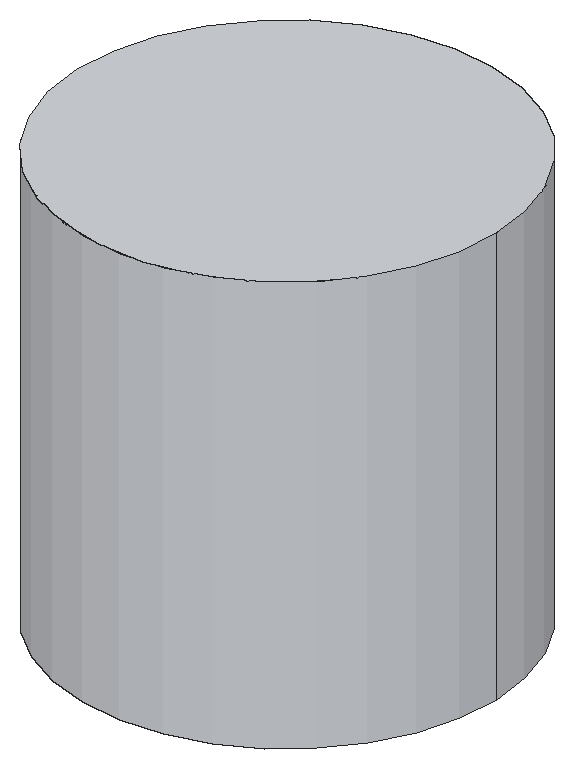
Revit family "RSC_ST_CIRC_OPENING", category Generic Models, host Face, Revit 2022
Family settings
  Host = Face
  Can host rebar = No
  Round Connector Dimension = Use Diameter
  Part Type = Normal
  Cut with Voids When Loaded = No
  Maintain Annotation Orientation = No
  Shared = No
  Room Calculation Point = No
Parameters (values of type "COND")
  Reff.Name [instance] = ""
  Pentration Depth [instance] = Depth  # 250 mm
  Peno. Rev [instance] = ""
  Penetration Diameter_shared [instance] = Diameter  # 300 mm
  Link Name [instance] = ""
  Diameter [instance] = 300 mm
  Depth [instance] = 250 mm
  Default Elevation = 1219.2 mm
  DATE [instance] = ""
Types (5, lengths in mm): name | Penetration Diameter_shared | Diameter
  WS | 300 | 300
  DR | 200 | 200
  FP | 200 | 200
  CHW | 200 | 200
  COND | 300 | 300
Reference planes
  plane 1 "Center (Front/Back)": y = 0
  plane 2: z = 0
  plane 3 "Center (Left/Right)": x = 0
  plane 4: z = -250
  plane 5: y = -150
  plane 6: y = 150
  plane 7: x = -150
  plane 8: x = 150
Forms (mm)
  Extrusion 1, solid
    sketch origin (0, 0, 0) x (1, 0, 0) y (0, 1, 0)
      loop
        circle (0, 0) r 150
    from -250 to 50
  Extrusion 2, solid
    sketch origin (0, 0, 0) x (1, 0, 0) y (0, 1, 0)
      loop
        circle (0, 0) r 0.8
    from 0 to -0.8
Lines and regions (mm)
  symbolic lines, style "InvisibleLines"
    curve 1: line (0, -15, 0) -> (0, 15, 0)
    curve 2: line (15, 0, 0) -> (-15, 0, 0)
  symbolic lines
    curve 3: line (-150, 0, -250) -> (150, 0, 0)
    curve 4: line (150, 0, -250) -> (-150, 0, 0)
    curve 5: line (0, 150, -250) -> (0, -150, 0)
    curve 6: line (0, -150, -250) -> (0, 150, 0)
Dimensions and locks
  "Depth": host face to plane 4
  equal spacing: plane 6, plane 1 "Center (Front/Back)", plane 5
  "Diameter": plane 6 to plane 5
  equal spacing: plane 7, plane 3 "Center (Left/Right)", plane 8
  "Diameter": plane 7 to plane 8
  locked: Extrusion 1 to level at 50
  "Diameter": diameter of Extrusion 1 sketch curve
  aligned and locked: plane 2 to host face
  aligned and locked: level to host face
  aligned and locked: Extrusion 1 to plane 4
  aligned and locked: plane 3 "Center (Left/Right)" to curve 1
  aligned and locked: curve 2 to plane 1 "Center (Front/Back)"
  aligned and locked: plane 4 to curve 4
  aligned and locked: host face to curve 5
  aligned and locked: plane 5 to curve 6
  aligned and locked: plane 5 to curve 5
  aligned and locked: plane 6 to curve 6
  aligned and locked: plane 6 to curve 5
  aligned and locked: plane 8 to curve 4
  aligned and locked: plane 4 to Extrusion 1  (x2)
  aligned and locked: plane 8 to curve 3
  aligned and locked: plane 7 to curve 4
  aligned and locked: plane 7 to curve 3
  aligned and locked: Extrusion 1 to curve 3
  aligned and locked: Extrusion 1 to Extrusion 1
Automatic sketch dimensions
  host sketch curve to host sketch curve = 2438.4 mm  (x2)
  curve 2 to plane 3 "Center (Left/Right)" = 15 mm
  plane 3 "Center (Left/Right)" to curve 2 = 15 mm
  plane 1 "Center (Front/Back)" to curve 1 = 15 mm
  curve 1 to plane 1 "Center (Front/Back)" = 15 mm
  curve 6 to plane 4 = 0 mm
  curve 6 to level = 0 mm
  curve 5 to plane 4 = 0 mm
  plane 1 "Center (Front/Back)" to Extrusion 2 sketch curve = 0 mm
  Extrusion 2 sketch curve to plane 3 "Center (Left/Right)" = 0 mm
  curve 4 to level = 0 mm
  curve 3 to level = 0 mm
  plane 1 "Center (Front/Back)" to Extrusion 1 sketch curve = 0 mm
  Extrusion 1 sketch curve to plane 3 "Center (Left/Right)" = 0 mm
  radius of Extrusion 2 sketch curve = 0.8 mm
